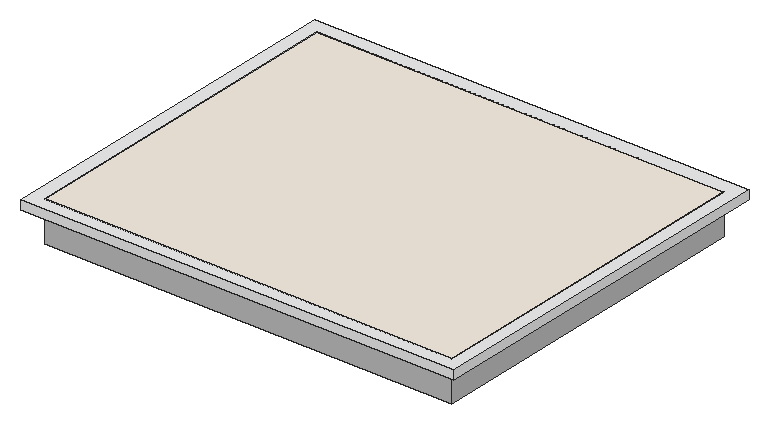
Revit family "Lighting-Industrial-GEWISS-ELIA-HL-LED_HIGHBAY", category Apparecchi per illuminazione, host Superficie, Revit 2019 (continued)
Types (12, lengths in mm): name | Weight (kg): | Weight (kg) | Voltage | Technical sheet | System power | Optic | built-in parameter 1150142 | Lumen output (lm) | Model | IDT | File diagramma fotometrico | Description
  GWF1001QM840 - ELIA HL L2 120° 4000K S.ALONE DALI | "4,3" | "4,3" | "220-240 V " | "https://www.gewiss.com/ww/en/search?q=GWF1100VC866" | "200W" | "120°" | "IESNA:LM-63-1995\r\n[TEST] HB25-120-4080-120D-H00115\r\n[DATE] 27 Nov 2019\r\n[MANUFAC] GEWISS\r\n[LUMCAT] GWF1001QM840\r\n[LUMINAIRE] ELIA HL - L2 120° LED840 200W - DALI\r\n[FLASHAREA] 0.013851\r\n[LAMPCAT] LED 200W/28000lm\r\n[LAMP] LED 200W/28000lm\r\nTILT=NONE\r\n1 28000.00 1.0 181 37 1 2 -0.270 0.000 0.000\r\n1.00 1.00 200.00\r\n0.00 0.50 1.00 1.50 2.00 2.50 3.00 3.50 4.00 4.50 5.00 \r\n5.50 6.00 6.50 7.00 7.50 8.00 8.50 9.00 9.50 10.00 10.50 \r\n11.00 11.50 12.00 12.50 13.00 13.50 14.00 14.50 15.00 \r\n15.50 16.00 16.50 17.00 17.50 18.00 18.50 19.00 19.50 \r\n20.00 20.50 21.00 21.50 22.00 22.50 23.00 23.50 24.00 \r\n24.50 25.00 25.50 26.00 26.50 27.00 27.50 28.00 28.50 \r\n29.00 29.50 30.00 30.50 31.00 31.50 32.00 32.50 33.00 \r\n33.50 34.00 34.50 35.00 35.50 36.00 36.50 37.00 37.50 \r\n38.00 38.50 39.00 39.50 40.00 40.50 41.00 41.50 42.00 \r\n42.50 43.00 43.50 44.00 44.50 45.00 45.50 46.00 46.50 \r\n47.00 47.50 48.00 48.50 49.00 49.50 50.00 50.50 51.00 \r\n51.50 52.00 52.50 53.00 53.50 54.00 54.50 55.00 55.50 \r\n56.00 56.50 57.00 57.50 58.00 58.50 59.00 59.50 60.00 \r\n60.50 61.00 61.50 62.00 62.50 63.00 63.50 64.00 64.50 \r\n65.00 65.50 66.00 66.50 67.00 67.50 68.00 68.50 69.00 \r\n69.50 70.00 70.50 71.00 71.50 72.00 72.50 73.00 73.50 \r\n74.00 74.50 75.00 75.50 76.00 76.50 77.00 77.50 78.00 \r\n78.50 79.00 79.50 80.00 80.50 81.00 81.50 82.00 82.50 \r\n83.00 83.50 84.00 84.50 85.00 85.50 86.00 86.50 87.00 \r\n87.50 88.00 88.50 89.00 89.50 90.00 \r\n0.00 2.50 5.00 7.50 10.00 12.50 15.00 17.50 20.00 22.50 \r\n25.00 27.50 30.00 32.50 35.00 37.50 40.00 42.50 45.00 \r\n47.50 50.00 52.50 55.00 57.50 60.00 62.50 65.00 67.50 \r\n70.00 72.50 75.00 77.50 80.00 82.50 85.00 87.50 90.00 \r\n8142.40 8142.40 8145.20 8145.20 8148.00 8148.00 8150.80 \r\n8153.60 8159.20 8162.00 8164.80 8170.40 8176.00 8178.80 \r\n8184.40 8190.00 8198.40 8204.00 8209.60 8218.00 8223.60 \r\n8232.00 8237.60 8246.00 8251.60 8260.00 8268.40 8274.00 \r\n8279.60 8288.00 8293.60 8302.00 8310.40 8318.80 8327.20 \r\n8338.40 8346.80 8358.00 8366.40 8377.60 8388.80 8397.20 \r\n8408.40 8419.60 8430.80 8442.00 8453.20 8464.40 8475.60 \r\n8486.80 8498.00 8509.20 8520.40 8528.80 8540.00 8551.20 \r\n8559.60 8568.00 8576.40 8584.80 8590.40 8596.00 8601.60 \r\n8607.20 8610.00 8612.80 8615.60 8615.60 8615.60 8615.60 \r\n8612.80 8607.20 8601.60 8593.20 8584.80 8573.60 8562.40 \r\n8545.60 8528.80 8512.00 8489.60 8467.20 8442.00 8416.80 \r\n8388.80 8358.00 8327.20 8293.60 8257.20 8220.80 8178.80 \r\n8136.80 8086.40 8030.40 7968.80 7898.80 7817.60 7728.00 \r\n7630.00 7520.80 7406.00 7291.20 7176.40 7061.60 6941.20 \r\n6809.60 6664.00 6498.80 6325.20 6143.20 5958.40 5770.80 \r\n5583.20 5401.20 5222.00 5048.40 4877.60 4706.80 4538.80 \r\n4376.40 4216.80 4057.20 3900.40 3749.20 3600.80 3452.40 \r\n3309.60 3172.40 3038.00 2906.40 2779.00 2653.00 2530.64 \r\n2414.16 2301.04 2187.08 2076.48 1973.44 1874.32 1776.04 \r\n1679.16 1582.28 1487.64 1396.36 1309.56 1229.76 1154.44 \r\n1081.08 1010.80 945.28 882.84 823.20 766.36 712.04 659.96 \r\n611.24 564.20 517.16 472.08 430.08 390.04 351.12 314.72 \r\n282.24 252.39 223.08 195.36 169.82 145.99 123.68 102.84 \r\n83.24 65.60 50.76 38.11 27.21 18.58 12.77 9.31 7.90 8.64 \r\n8142.40 8142.40 8145.20 8145.20 8148.00 8148.00 8150.80 \r\n8153.60 8159.20 8162.00 8164.80 8170.40 8176.00 8178.80 \r\n8184.40 8190.00 8195.60 8204.00 8209.60 8216.60 8223.60 \r\n8232.00 8239.00 8246.00 8253.00 8260.00 8267.00 8274.00 \r\n8281.00 8288.00 8295.00 8302.00 8310.40 8318.80 8327.20 \r\n8338.40 8346.80 8358.00 8366.40 8377.60 8388.80 8400.00 \r\n8411.20 8421.00 8430.80 8442.00 8453.20 8464.40 8475.60 \r\n8486.80 8498.00 8509.20 8520.40 8530.20 8541.40 8551.20 \r\n8561.00 8569.40 8577.80 8586.20 8591.80 8598.80 8604.40 \r\n8608.60 8612.80 8615.60 8617.00 8618.40 8617.00 8617.00 \r\n8614.20 8610.00 8604.40 8596.00 8586.20 8576.40 8563.80 \r\n8548.40 8531.60 8513.40 8493.80 8471.40 8447.60 8419.60 \r\n8391.60 8363.60 8332.80 8299.20 8262.80 8223.60 8184.40 \r\n8139.60 8090.60 8034.60 7973.00 7901.60 7823.20 7735.00 \r\n7637.00 7527.80 7414.40 7299.60 7182.00 7067.20 6945.40 \r\n6813.80 6669.60 6505.80 6329.40 6147.40 5962.60 5775.00 \r\n5587.40 5405.40 5227.60 5052.60 4881.80 4711.00 4544.40 \r\n4380.60 4221.00 4062.80 3907.40 3753.40 3603.60 3458.00 \r\n3315.20 3176.60 3039.40 2907.80 2780.68 2654.96 2532.74 \r\n2416.54 2303.14 2189.32 2078.72 1975.26 1875.16 1776.60 \r\n1679.02 1582.14 1487.22 1395.80 1308.86 1228.64 1152.76 \r\n1079.54 1009.68 944.30 882.42 822.92 766.08 712.04 660.38 \r\n611.38 564.20 517.30 472.22 429.94 389.90 350.84 314.44 \r\n281.96 251.86 222.77 195.30 169.69 145.80 123.52 102.77 \r\n83.23 65.65 50.82 38.19 27.29 18.65 12.89 9.47 8.02 8.67 \r\n8142.40 8142.40 8143.80 8145.20 8148.00 8148.00 8150.80 \r\n8153.60 8157.80 8162.00 8164.80 8170.40 8174.60 8178.80 \r\n8184.40 8190.00 8195.60 8204.00 8209.60 8216.60 8223.60 \r\n8230.60 8239.00 8246.00 8253.00 8261.40 8267.00 8275.40 \r\n8281.00 8289.40 8295.00 8303.40 8311.80 8318.80 8328.60 \r\n8338.40 8349.60 8358.00 8369.20 8377.60 8388.80 8400.00 \r\n8411.20 8422.40 8433.60 8444.80 8456.00 8467.20 8477.00 \r\n8488.20 8499.40 8510.60 8521.80 8531.60 8541.40 8552.60 \r\n8561.00 8570.80 8579.20 8587.60 8593.20 8601.60 8605.80 \r\n8610.00 8614.20 8617.00 8619.80 8619.80 8619.80 8618.40 \r\n8615.60 8611.40 8605.80 8598.80 8589.00 8579.20 8566.60 \r\n8551.20 8535.80 8516.20 8496.60 8474.20 8450.40 8423.80 \r\n8395.80 8366.40 8335.60 8302.00 8265.60 8229.20 8187.20 \r\n8143.80 8093.40 8037.40 7974.40 7904.40 7827.40 7740.60 \r\n7644.00 7534.80 7421.40 7305.20 7187.60 7072.80 6949.60 \r\n6818.00 6672.40 6510.00 6333.60 6151.60 5965.40 5777.80 \r\n5591.60 5409.60 5230.40 5055.40 4884.60 4713.80 4548.60 \r\n4384.80 4226.60 4067.00 3911.60 3757.60 3607.80 3462.20 \r\n3319.40 3179.40 3042.20 2909.20 2781.52 2655.80 2534.14 \r\n2417.94 2304.54 2190.72 2079.84 1975.82 1875.30 1776.18 \r\n1678.46 1581.16 1486.24 1394.68 1307.60 1226.82 1150.66 \r\n1077.44 1008.00 943.04 881.58 822.22 765.66 711.76 660.24 \r\n611.24 563.92 517.02 471.94 429.52 389.48 350.42 313.88 \r\n281.40 251.17 222.29 195.03 169.41 145.45 123.24 102.59 \r\n83.15 65.62 50.83 38.22 27.33 18.73 13.01 9.61 8.13 8.69 \r\n8142.40 8142.40 8142.40 8145.20 8146.60 8148.00 8150.80 \r\n8153.60 8157.80 8160.60 8164.80 8169.00 8174.60 8178.80 \r\n8184.40 8190.00 8195.60 8202.60 8209.60 8216.60 8223.60 \r\n8230.60 8239.00 8246.00 8253.00 8260.00 8268.40 8274.00 \r\n8282.40 8289.40 8296.40 8303.40 8311.80 8320.20 8330.00 \r\n8338.40 8349.60 8358.00 8369.20 8380.40 8390.20 8401.40 \r\n8411.20 8422.40 8433.60 8444.80 8456.00 8467.20 8478.40 \r\n8488.20 8499.40 8510.60 8521.80 8531.60 8542.80 8554.00 \r\n8562.40 8572.20 8580.60 8589.00 8596.00 8603.00 8608.60 \r\n8612.80 8617.00 8619.80 8621.20 8622.60 8622.60 8621.20 \r\n8618.40 8614.20 8608.60 8601.60 8591.80 8582.00 8568.00 \r\n8554.00 8537.20 8519.00 8499.40 8477.00 8453.20 8426.60 \r\n8398.60 8370.60 8339.80 8304.80 8268.40 8232.00 8190.00 \r\n8146.60 8097.60 8040.20 7977.20 7908.60 7831.60 7744.80 \r\n7648.20 7540.40 7427.00 7310.80 7193.20 7075.60 6952.40 \r\n6820.80 6676.60 6511.40 6336.40 6154.40 5966.80 5780.60 \r\n5593.00 5411.00 5231.80 5056.80 4886.00 4718.00 4552.80 \r\n4389.00 4229.40 4071.20 3914.40 3761.80 3609.20 3463.60 \r\n3320.80 3180.80 3043.60 2910.60 2781.52 2656.08 2534.70 \r\n2418.50 2305.10 2191.14 2080.40 1975.82 1874.74 1775.06 \r\n1677.06 1579.62 1484.70 1393.14 1305.92 1224.86 1148.14 \r\n1075.20 1006.18 941.50 880.32 821.24 764.68 710.92 659.82 \r\n610.68 563.22 516.46 471.38 429.10 388.92 349.86 313.32 \r\n280.64 250.40 221.68 194.61 168.98 144.98 122.85 102.33 \r\n82.98 65.52 50.78 38.19 27.35 18.79 13.12 9.74 8.23 8.71 \r\n8142.40 8142.40 8142.40 8145.20 8146.60 8148.00 8150.80 \r\n8153.60 8157.80 8160.60 8164.80 8169.00 8174.60 8178.80 \r\n8184.40 8190.00 8195.60 8202.60 8209.60 8216.60 8225.00 \r\n8230.60 8239.00 8246.00 8254.40 8260.00 8268.40 8274.00 \r\n8282.40 8290.80 8296.40 8304.80 8311.80 8320.20 8330.00 \r\n8339.80 8349.60 8360.80 8369.20 8380.40 8390.20 8401.40 \r\n8412.60 8423.80 8435.00 8446.20 8456.00 8467.20 8478.40 \r\n8489.60 8500.80 8512.00 8523.20 8534.40 8544.20 8555.40 \r\n8563.80 8575.00 8583.40 8590.40 8597.40 8604.40 8610.00 \r\n8615.60 8618.40 8621.20 8624.00 8624.00 8624.00 8624.00 \r\n8621.20 8617.00 8611.40 8604.40 8594.60 8583.40 8570.80 \r\n8555.40 8538.60 8521.80 8500.80 8479.80 8456.00 8430.80 \r\n8402.80 8373.40 8342.60 8309.00 8272.60 8234.80 8194.20 \r\n8149.40 8099.00 8043.00 7980.00 7911.40 7834.40 7749.00 \r\n7652.40 7546.00 7432.60 7315.00 7197.40 7077.00 6953.80 \r\n6820.80 6676.60 6514.20 6339.20 6155.80 5968.20 5780.60 \r\n5594.40 5411.00 5233.20 5058.20 4887.40 4719.40 4555.60 \r\n4391.80 4232.20 4072.60 3917.20 3761.80 3612.00 3465.00 \r\n3322.20 3182.20 3045.00 2910.60 2781.10 2655.66 2534.70 \r\n2418.36 2304.82 2191.00 2079.84 1975.12 1873.62 1773.38 \r\n1675.24 1577.80 1482.88 1391.32 1303.96 1222.48 1145.62 \r\n1072.82 1003.94 939.68 878.78 819.84 763.56 710.08 658.98 \r\n609.98 562.38 515.62 470.54 428.40 388.22 349.16 312.48 \r\n279.78 249.56 220.96 194.04 168.43 144.45 122.40 101.96 \r\n82.74 65.41 50.68 38.12 27.34 18.85 13.23 9.87 8.31 8.72 \r\n8142.40 8142.40 8142.40 8145.20 8146.60 8148.00 8150.80 \r\n8155.00 8157.80 8160.60 8164.80 8169.00 8174.60 8178.80 \r\n8184.40 8190.00 8195.60 8201.20 8209.60 8216.60 8225.00 \r\n8230.60 8239.00 8246.00 8254.40 8261.40 8268.40 8275.40 \r\n8282.40 8290.80 8297.80 8304.80 8313.20 8323.00 8331.40 \r\n8341.20 8351.00 8360.80 8372.00 8381.80 8393.00 8402.80 \r\n8412.60 8423.80 8435.00 8446.20 8457.40 8468.60 8479.80 \r\n8491.00 8502.20 8512.00 8524.60 8535.80 8545.60 8555.40 \r\n8566.60 8575.00 8584.80 8593.20 8598.80 8607.20 8612.80 \r\n8617.00 8621.20 8625.40 8625.40 8628.20 8628.20 8625.40 \r\n8622.60 8619.80 8614.20 8605.80 8597.40 8586.20 8573.60 \r\n8558.20 8542.80 8523.20 8503.60 8482.60 8458.80 8432.20 \r\n8404.20 8376.20 8345.40 8310.40 8274.00 8237.60 8197.00 \r\n8150.80 8101.80 8044.40 7981.40 7914.20 7837.20 7751.80 \r\n7655.20 7550.20 7436.80 7319.20 7198.80 7079.80 6955.20 \r\n6822.20 6676.60 6514.20 6339.20 6155.80 5968.20 5780.60 \r\n5594.40 5412.40 5233.20 5058.20 4887.40 4720.80 4558.40 \r\n4394.60 4232.20 4074.00 3920.00 3764.60 3612.00 3466.40 \r\n3325.00 3183.60 3045.00 2910.60 2780.26 2654.96 2534.14 \r\n2417.94 2304.12 2190.16 2079.00 1973.72 1871.80 1771.56 \r\n1673.00 1575.56 1480.64 1389.22 1301.72 1219.96 1142.96 \r\n1070.30 1001.70 937.72 877.10 818.30 762.16 708.96 658.00 \r\n608.72 561.12 514.64 469.70 427.56 387.38 348.32 311.64 \r\n278.89 248.70 220.19 193.38 167.80 143.85 121.88 101.56 \r\n82.46 65.25 50.55 38.01 27.31 18.90 13.33 9.98 8.39 8.72 \r\n8142.40 8142.40 8142.40 8145.20 8146.60 8148.00 8150.80 \r\n8155.00 8157.80 8160.60 8163.40 8169.00 8174.60 8178.80 \r\n8184.40 8190.00 8195.60 8201.20 8209.60 8216.60 8223.60 \r\n8230.60 8239.00 8246.00 8254.40 8261.40 8268.40 8275.40 \r\n8283.80 8290.80 8299.20 8306.20 8314.60 8323.00 8332.80 \r\n8341.20 8352.40 8362.20 8372.00 8383.20 8393.00 8404.20 \r\n8415.40 8426.60 8437.80 8447.60 8458.80 8470.00 8481.20 \r\n8491.00 8502.20 8514.80 8524.60 8535.80 8547.00 8558.20 \r\n8568.00 8576.40 8586.20 8594.60 8601.60 8608.60 8614.20 \r\n8619.80 8622.60 8626.80 8628.20 8631.00 8629.60 8628.20 \r\n8625.40 8621.20 8615.60 8608.60 8600.20 8589.00 8576.40 \r\n8561.00 8545.60 8526.00 8506.40 8485.40 8461.60 8435.00 \r\n8408.40 8379.00 8346.80 8313.20 8276.80 8239.00 8198.40 \r\n8155.00 8103.20 8045.80 7982.80 7915.60 7840.00 7754.60 \r\n7659.40 7553.00 7438.20 7322.00 7201.60 7079.80 6955.20 \r\n6822.20 6676.60 6514.20 6339.20 6155.80 5966.80 5780.60 \r\n5593.00 5411.00 5233.20 5058.20 4887.40 4722.20 4559.80 \r\n4396.00 4233.60 4076.80 3920.00 3764.60 3613.40 3467.80 \r\n3325.00 3183.60 3045.00 2910.60 2779.00 2653.98 2533.30 \r\n2416.96 2302.86 2188.90 2077.60 1972.04 1869.84 1769.32 \r\n1670.62 1573.18 1478.40 1386.98 1299.48 1217.58 1140.16 \r\n1067.64 999.46 935.62 875.28 816.62 760.62 707.56 656.88 \r\n607.46 559.86 513.38 468.86 426.72 386.54 347.48 310.80 \r\n278.03 247.81 219.41 192.68 167.15 143.23 121.34 101.12 \r\n82.17 65.07 50.41 37.88 27.28 18.96 13.43 10.09 8.47 8.71 \r\n8142.40 8142.40 8142.40 8145.20 8146.60 8148.00 8150.80 \r\n8155.00 8157.80 8160.60 8163.40 8169.00 8174.60 8177.40 \r\n8183.00 8190.00 8195.60 8201.20 8209.60 8216.60 8223.60 \r\n8232.00 8239.00 8246.00 8254.40 8261.40 8269.80 8275.40 \r\n8283.80 8292.20 8299.20 8307.60 8314.60 8324.40 8332.80 \r\n8344.00 8352.40 8363.60 8373.40 8384.60 8394.40 8405.60 \r\n8415.40 8426.60 8437.80 8449.00 8460.20 8470.00 8481.20 \r\n8493.80 8503.60 8514.80 8527.40 8538.60 8548.40 8559.60 \r\n8568.00 8579.20 8587.60 8596.00 8604.40 8611.40 8617.00 \r\n8622.60 8626.80 8629.60 8632.40 8632.40 8632.40 8631.00 \r\n8628.20 8624.00 8618.40 8611.40 8601.60 8590.40 8579.20 \r\n8562.40 8547.00 8527.40 8509.20 8486.80 8464.40 8439.20 \r\n8411.20 8381.80 8351.00 8316.00 8279.60 8241.80 8199.80 \r\n8156.40 8104.60 8047.20 7984.20 7915.60 7841.40 7756.00 \r\n7660.80 7555.80 7442.40 7324.80 7203.00 7081.20 6955.20 \r\n6820.80 6675.20 6512.80 6337.80 6154.40 5965.40 5779.20 \r\n5591.60 5411.00 5231.80 5056.80 4887.40 4722.20 4559.80 \r\n4396.00 4233.60 4076.80 3921.40 3766.00 3613.40 3467.80 \r\n3325.00 3183.60 3045.00 2909.20 2777.74 2652.72 2532.32 \r\n2415.56 2301.18 2187.22 2075.92 1970.22 1867.74 1767.08 \r\n1668.24 1570.80 1476.16 1384.74 1297.38 1215.20 1137.64 \r\n1065.12 997.08 933.66 873.32 814.94 758.94 706.16 655.62 \r\n606.20 558.46 512.12 467.88 425.88 385.56 346.64 309.96 \r\n277.16 246.99 218.61 191.94 166.47 142.63 120.82 100.69 \r\n81.87 64.90 50.25 37.74 27.23 19.01 13.53 10.20 8.54 8.71 \r\n8142.40 8142.40 8142.40 8145.20 8146.60 8148.00 8150.80 \r\n8155.00 8157.80 8160.60 8163.40 8169.00 8173.20 8177.40 \r\n8183.00 8188.60 8195.60 8201.20 8209.60 8216.60 8223.60 \r\n8232.00 8240.40 8247.40 8255.80 8261.40 8269.80 8276.80 \r\n8283.80 8292.20 8300.60 8307.60 8316.00 8325.80 8335.60 \r\n8344.00 8353.80 8365.00 8376.20 8386.00 8395.80 8405.60 \r\n8416.80 8428.00 8439.20 8450.40 8461.60 8472.80 8484.00 \r\n8493.80 8505.00 8516.20 8527.40 8538.60 8549.80 8559.60 \r\n8570.80 8580.60 8590.40 8598.80 8605.80 8614.20 8619.80 \r\n8624.00 8628.20 8632.40 8635.20 8635.20 8635.20 8633.80 \r\n8631.00 8626.80 8621.20 8612.80 8604.40 8593.20 8580.60 \r\n8565.20 8549.80 8530.20 8512.00 8489.60 8467.20 8440.60 \r\n8412.60 8383.20 8351.00 8316.00 8281.00 8241.80 8202.60 \r\n8156.40 8106.00 8048.60 7984.20 7917.00 7842.80 7757.40 \r\n7662.20 7557.20 7445.20 7326.20 7204.40 7081.20 6953.80 \r\n6819.40 6673.80 6511.40 6336.40 6153.00 5964.00 5776.40 \r\n5590.20 5409.60 5229.00 5055.40 4884.60 4720.80 4561.20 \r\n4397.40 4233.60 4075.40 3921.40 3766.00 3613.40 3467.80 \r\n3326.40 3183.60 3045.00 2909.20 2776.48 2651.46 2531.20 \r\n2414.16 2299.50 2185.40 2074.10 1968.40 1865.64 1764.70 \r\n1665.86 1568.56 1473.92 1382.64 1295.28 1212.82 1135.26 \r\n1062.74 994.98 931.70 871.50 813.26 757.40 704.76 654.22 \r\n604.94 557.06 511.14 466.90 424.90 384.72 345.80 309.12 \r\n276.37 246.22 217.85 191.23 165.83 142.06 120.30 100.25 \r\n81.58 64.72 50.09 37.59 27.18 19.07 13.63 10.30 8.60 8.70 \r\n8142.40 8142.40 8142.40 8145.20 8146.60 8148.00 8150.80 \r\n8153.60 8156.40 8160.60 8163.40 8169.00 8173.20 8177.40 \r\n8183.00 8188.60 8195.60 8201.20 8209.60 8216.60 8223.60 \r\n8232.00 8240.40 8247.40 8255.80 8261.40 8269.80 8278.20 \r\n8285.20 8292.20 8300.60 8310.40 8317.40 8325.80 8335.60 \r\n8345.40 8356.60 8365.00 8376.20 8387.40 8397.20 8408.40 \r\n8418.20 8428.00 8440.60 8451.80 8463.00 8472.80 8484.00 \r\n8495.20 8506.40 8517.60 8530.20 8540.00 8551.20 8562.40 \r\n8573.60 8582.00 8591.80 8600.20 8608.60 8615.60 8622.60 \r\n8626.80 8631.00 8635.20 8636.60 8638.00 8638.00 8635.20 \r\n8632.40 8629.60 8624.00 8615.60 8607.20 8596.00 8582.00 \r\n8568.00 8551.20 8533.00 8512.00 8492.40 8468.60 8442.00 \r\n8415.40 8384.60 8353.80 8318.80 8281.00 8244.60 8204.00 \r\n8157.80 8106.00 8048.60 7985.60 7918.40 7844.20 7758.80 \r\n7665.00 7560.00 7445.20 7326.20 7204.40 7081.20 6953.80 \r\n6818.00 6671.00 6507.20 6333.60 6150.20 5962.60 5775.00 \r\n5588.80 5406.80 5229.00 5054.00 
